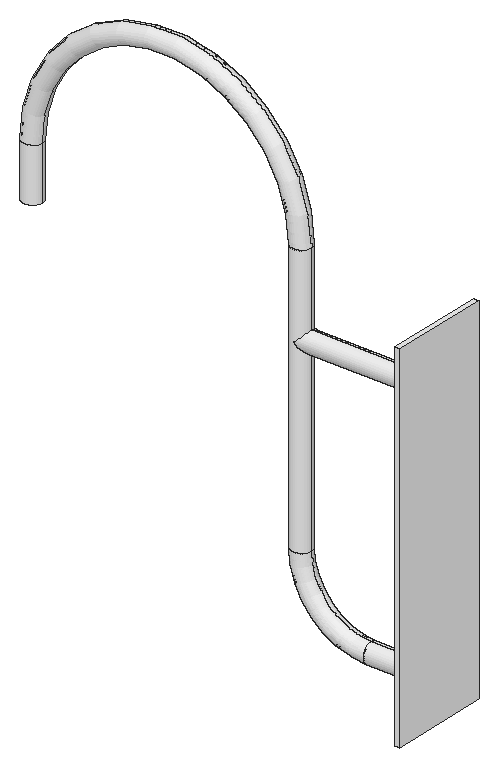
Revit family "WM35", category Generic Models, Revit 2017
Family settings
  Can host rebar = No
  Round Connector Dimension = Use Diameter
  Part Type = Normal
  Work Plane-Based = No
  Always vertical = Yes
  Cut with Voids When Loaded = No
  Shared = No
  Room Calculation Point = No
Parameters
  WM35 = Aluminum
Reference planes (in)
  plane 1 "Center (Front/Back)": y = 0
  plane 2: z = 0
  plane 3 "Center (Left/Right)": x = 0
Forms (in)
  Extrusion 1, solid, material "Aluminum" <- "WM35"
    sketch origin (0, 0, 0) x (1, 0, 0) y (0, 0, 1)
      loop
        line (23.15112, 3.72438) -> (23.15112, 21.72438) -> (22.90112, 21.72438) -> (22.90112, 3.72438) -> (23.15112, 3.72438)
    from -2.5 to 2.5
  Sweep 2, solid, material "Aluminum" <- "WM35"
    path origin (0, 0, 0) x (1, 0, 0) y (0, 0, 1)
      loop
        line (22.90112, 5.72438) -> (19.74242, 5.72438)
        arc (19.74242, 5.72438) -> (17.24987, 6.75683) -> (16.21742, 9.24938) r 3.525
        line (16.21742, 9.24938) -> (16.21742, 22.92438)
        arc (16.21742, 22.92438) -> (9.44242, 29.69938) -> (2.66742, 22.92438) r 6.775
        line (2.66742, 22.92438) -> (2.66742, 20.22438)
    profile origin (21.32177, 0, 5.72438) x (0, 0, -1) y (0, -1, 0)
      loop
        circle (0, 0) r 0.5
      loop
        circle (0, 0) r 0.4375
  Revolve 3, solid, material "Aluminum" <- "WM35"
    sketch origin (0, 0, 0) x (1, 0, 0) y (0, 0, 1)
      loop
        line (22.90112, 19.22438) -> (16.21742, 19.22438) -> (16.21742, 19.16188) -> (22.90112, 19.16188) -> (22.90112, 19.22438)
      axis (22.90112, 18.72438) -> (16.21742, 18.72438)
    angle from 0 to 360
Cuts and joins
  joined: Sweep 2, Revolve 3
Dimensions and locks (in)
  aligned and locked: plane 2 to level
